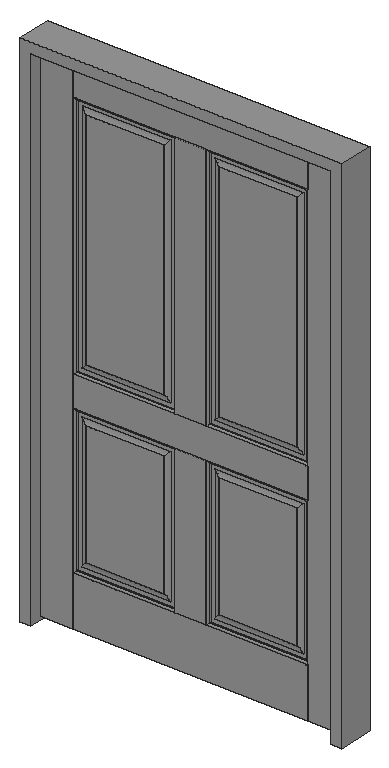
Revit family "V1200MER4PCARVE9", category Doors, host Wall, Revit 2015 (continued)
Forms (mm)
  Sweep 132, void
    path origin (939.567, 75, 1037.558) x (0, 0, -1) y (-1, 0, 0)
      loop
        line (-390.5, 1079.067) -> (-359.91, 1079.067) -> (-359.91, 1096.421) -> (-375.205, 1111.716) -> (-390.5, 1096.421) -> (-390.5, 1079.067)
    profile origin (-148.177, 75, 1428.058) x (0, 0, -1) y (0, -1, 0)
      loop
        line (-4, 59) -> (4, 59) -> (0, 62.5) -> (-4, 59)
  Sweep 133, void
    path origin (0, 75, 391.968) x (1, 0, 0) y (0, 0, 1)
      loop
        line (-390.5, 1043.161) -> (-375.205, 1027.866) -> (-359.91, 1043.161) -> (-359.91, 1096.421) -> (-375.205, 1111.716) -> (-390.5, 1096.421) -> (-390.5, 1043.161)
    profile origin (-390.5, 75, 1461.759) x (-1, 0, 0) y (0, -1, 0)
      loop
        line (4, 59) -> (0, 62.5) -> (-4, 59) -> (4, 59)
  Sweep 134, void
    path origin (0, 75, 391.968) x (1, 0, 0) y (0, 0, 1)
      loop
        line (-302.508, 1093.492) -> (-349.91, 1093.492) -> (-349.91, 1046.09) -> (-302.508, 1046.09) -> (-302.508, 1093.492)
    profile origin (-326.209, 75, 1485.46) x (0, 0, -1) y (0, -1, 0)
      loop
        line (-4, 59) -> (4, 59) -> (0, 62.5) -> (-4, 59)
  Sweep 135, void
    path origin (743.582, 75, 1135.55) x (0, 0, -1) y (-1, 0, 0)
      loop
        line (-390.5, 1043.161) -> (-375.205, 1027.866) -> (-359.91, 1043.161) -> (-359.91, 1096.421) -> (-375.205, 1111.716) -> (-390.5, 1096.421) -> (-390.5, 1043.161)
    profile origin (-326.209, 75, 1526.05) x (0, 0, -1) y (0, -1, 0)
      loop
        line (-4, 59) -> (4, 59) -> (0, 62.5) -> (-4, 59)
  Sweep 136, void
    path origin (-652.418, 75, 391.968) x (-1, 0, 0) y (0, 0, 1)
      loop
        line (-390.5, 1043.161) -> (-375.205, 1027.866) -> (-359.91, 1043.161) -> (-359.91, 1096.421) -> (-375.205, 1111.716) -> (-390.5, 1096.421) -> (-390.5, 1043.161)
    profile origin (-261.918, 75, 1461.759) x (-1, 0, 0) y (0, -1, 0)
      loop
        line (-4, 59) -> (4, 59) -> (0, 62.5) -> (-4, 59)
  Sweep 137, void
    path origin (97.992, 75, 391.968) x (1, 0, 0) y (0, 0, 1)
      loop
        line (-302.508, 1093.492) -> (-349.91, 1093.492) -> (-349.91, 1046.09) -> (-302.508, 1046.09) -> (-302.508, 1093.492)
    profile origin (-228.217, 75, 1485.46) x (0, 0, -1) y (0, -1, 0)
      loop
        line (-4, 59) -> (4, 59) -> (0, 62.5) -> (-4, 59)
  Sweep 138, void
    path origin (841.574, 75, 1135.55) x (0, 0, -1) y (-1, 0, 0)
      loop
        line (-390.5, 1043.161) -> (-375.205, 1027.866) -> (-359.91, 1043.161) -> (-359.91, 1096.421) -> (-375.205, 1111.716) -> (-390.5, 1096.421) -> (-390.5, 1043.161)
    profile origin (-228.217, 75, 1526.05) x (0, 0, -1) y (0, -1, 0)
      loop
        line (-4, 59) -> (4, 59) -> (0, 62.5) -> (-4, 59)
  Sweep 139, void
    path origin (-554.426, 75, 391.968) x (-1, 0, 0) y (0, 0, 1)
      loop
        line (-390.5, 1043.161) -> (-375.205, 1027.866) -> (-359.91, 1043.161) -> (-359.91, 1096.421) -> (-375.205, 1111.716) -> (-390.5, 1096.421) -> (-390.5, 1043.161)
    profile origin (-163.926, 75, 1461.759) x (-1, 0, 0) y (0, -1, 0)
      loop
        line (-4, 59) -> (4, 59) -> (0, 62.5) -> (-4, 59)
  Sweep 140, void
    path origin (195.984, 75, 391.968) x (1, 0, 0) y (0, 0, 1)
      loop
        line (-335.484, 1093.492) -> (-349.91, 1093.492) -> (-349.91, 1046.09) -> (-335.484, 1046.09) -> (-335.484, 1093.492)
    profile origin (-146.713, 75, 1485.46) x (0, 0, -1) y (0, -1, 0)
      loop
        line (-4, 59) -> (4, 59) -> (0, 62.5) -> (-4, 59)
  Sweep 141, void
    path origin (939.567, 75, 1135.55) x (0, 0, -1) y (-1, 0, 0)
      loop
        line (-390.5, 1079.067) -> (-359.91, 1079.067) -> (-359.91, 1096.421) -> (-375.205, 1111.716) -> (-390.5, 1096.421) -> (-390.5, 1079.067)
    profile origin (-148.177, 75, 1526.05) x (0, 0, -1) y (0, -1, 0)
      loop
        line (-4, 59) -> (4, 59) -> (0, 62.5) -> (-4, 59)
  Sweep 142, void
    path origin (0, 75, 489.96) x (1, 0, 0) y (0, 0, 1)
      loop
        line (-390.5, 1043.161) -> (-375.205, 1027.866) -> (-359.91, 1043.161) -> (-359.91, 1096.421) -> (-375.205, 1111.716) -> (-390.5, 1096.421) -> (-390.5, 1043.161)
    profile origin (-390.5, 75, 1559.752) x (-1, 0, 0) y (0, -1, 0)
      loop
        line (4, 59) -> (0, 62.5) -> (-4, 59) -> (4, 59)
  Sweep 143, void
    path origin (0, 75, 489.96) x (1, 0, 0) y (0, 0, 1)
      loop
        line (-302.508, 1093.492) -> (-349.91, 1093.492) -> (-349.91, 1046.09) -> (-302.508, 1046.09) -> (-302.508, 1093.492)
    profile origin (-326.209, 75, 1583.453) x (0, 0, -1) y (0, -1, 0)
      loop
        line (-4, 59) -> (4, 59) -> (0, 62.5) -> (-4, 59)
  Sweep 144, void
    path origin (743.582, 75, 1233.543) x (0, 0, -1) y (-1, 0, 0)
      loop
        line (-390.5, 1043.161) -> (-375.205, 1027.866) -> (-359.91, 1043.161) -> (-359.91, 1096.421) -> (-375.205, 1111.716) -> (-390.5, 1096.421) -> (-390.5, 1043.161)
    profile origin (-326.209, 75, 1624.043) x (0, 0, -1) y (0, -1, 0)
      loop
        line (-4, 59) -> (4, 59) -> (0, 62.5) -> (-4, 59)
  Sweep 145, void
    path origin (-652.418, 75, 489.96) x (-1, 0, 0) y (0, 0, 1)
      loop
        line (-390.5, 1043.161) -> (-375.205, 1027.866) -> (-359.91, 1043.161) -> (-359.91, 1096.421) -> (-375.205, 1111.716) -> (-390.5, 1096.421) -> (-390.5, 1043.161)
    profile origin (-261.918, 75, 1559.752) x (-1, 0, 0) y (0, -1, 0)
      loop
        line (-4, 59) -> (4, 59) -> (0, 62.5) -> (-4, 59)
  Sweep 146, void
    path origin (97.992, 75, 489.96) x (1, 0, 0) y (0, 0, 1)
      loop
        line (-302.508, 1093.492) -> (-349.91, 1093.492) -> (-349.91, 1046.09) -> (-302.508, 1046.09) -> (-302.508, 1093.492)
    profile origin (-228.217, 75, 1583.453) x (0, 0, -1) y (0, -1, 0)
      loop
        line (-4, 59) -> (4, 59) -> (0, 62.5) -> (-4, 59)
  Sweep 147, void
    path origin (841.574, 75, 1233.543) x (0, 0, -1) y (-1, 0, 0)
      loop
        line (-390.5, 1043.161) -> (-375.205, 1027.866) -> (-359.91, 1043.161) -> (-359.91, 1096.421) -> (-375.205, 1111.716) -> (-390.5, 1096.421) -> (-390.5, 1043.161)
    profile origin (-228.217, 75, 1624.043) x (0, 0, -1) y (0, -1, 0)
      loop
        line (-4, 59) -> (4, 59) -> (0, 62.5) -> (-4, 59)
  Sweep 148, void
    path origin (-554.426, 75, 489.96) x (-1, 0, 0) y (0, 0, 1)
      loop
        line (-390.5, 1043.161) -> (-375.205, 1027.866) -> (-359.91, 1043.161) -> (-359.91, 1096.421) -> (-375.205, 1111.716) -> (-390.5, 1096.421) -> (-390.5, 1043.161)
    profile origin (-163.926, 75, 1559.752) x (-1, 0, 0) y (0, -1, 0)
      loop
        line (-4, 59) -> (4, 59) -> (0, 62.5) -> (-4, 59)
  Sweep 149, void
    path origin (195.984, 75, 489.96) x (1, 0, 0) y (0, 0, 1)
      loop
        line (-335.484, 1093.492) -> (-349.91, 1093.492) -> (-349.91, 1046.09) -> (-335.484, 1046.09) -> (-335.484, 1093.492)
    profile origin (-146.713, 75, 1583.453) x (0, 0, -1) y (0, -1, 0)
      loop
        line (-4, 59) -> (4, 59) -> (0, 62.5) -> (-4, 59)
  Sweep 150, void
    path origin (939.567, 75, 1233.543) x (0, 0, -1) y (-1, 0, 0)
      loop
        line (-390.5, 1079.067) -> (-359.91, 1079.067) -> (-359.91, 1096.421) -> (-375.205, 1111.716) -> (-390.5, 1096.421) -> (-390.5, 1079.067)
    profile origin (-148.177, 75, 1624.043) x (0, 0, -1) y (0, -1, 0)
      loop
        line (-4, 59) -> (4, 59) -> (0, 62.5) -> (-4, 59)
  Sweep 151, void
    path origin (0, 75, 587.953) x (1, 0, 0) y (0, 0, 1)
      loop
        line (-390.5, 1043.161) -> (-375.205, 1027.866) -> (-359.91, 1043.161) -> (-359.91, 1096.421) -> (-375.205, 1111.716) -> (-390.5, 1096.421) -> (-390.5, 1043.161)
    profile origin (-390.5, 75, 1657.744) x (-1, 0, 0) y (0, -1, 0)
      loop
        line (4, 59) -> (0, 62.5) -> (-4, 59) -> (4, 59)
  Sweep 152, void
    path origin (0, 75, 587.953) x (1, 0, 0) y (0, 0, 1)
      loop
        line (-302.508, 1093.492) -> (-349.91, 1093.492) -> (-349.91, 1046.09) -> (-302.508, 1046.09) -> (-302.508, 1093.492)
    profile origin (-326.209, 75, 1681.445) x (0, 0, -1) y (0, -1, 0)
      loop
        line (-4, 59) -> (4, 59) -> (0, 62.5) -> (-4, 59)
  Sweep 153, void
    path origin (743.582, 75, 1331.535) x (0, 0, -1) y (-1, 0, 0)
      loop
        line (-390.5, 1043.161) -> (-375.205, 1027.866) -> (-359.91, 1043.161) -> (-359.91, 1096.421) -> (-375.205, 1111.716) -> (-390.5, 1096.421) -> (-390.5, 1043.161)
    profile origin (-326.209, 75, 1722.035) x (0, 0, -1) y (0, -1, 0)
      loop
        line (-4, 59) -> (4, 59) -> (0, 62.5) -> (-4, 59)
  Sweep 154, void
    path origin (-652.418, 75, 587.953) x (-1, 0, 0) y (0, 0, 1)
      loop
        line (-390.5, 1043.161) -> (-375.205, 1027.866) -> (-359.91, 1043.161) -> (-359.91, 1096.421) -> (-375.205, 1111.716) -> (-390.5, 1096.421) -> (-390.5, 1043.161)
    profile origin (-261.918, 75, 1657.744) x (-1, 0, 0) y (0, -1, 0)
      loop
        line (-4, 59) -> (4, 59) -> (0, 62.5) -> (-4, 59)
  Sweep 155, void
    path origin (97.992, 75, 587.953) x (1, 0, 0) y (0, 0, 1)
      loop
        line (-302.508, 1093.492) -> (-349.91, 1093.492) -> (-349.91, 1046.09) -> (-302.508, 1046.09) -> (-302.508, 1093.492)
    profile origin (-228.217, 75, 1681.445) x (0, 0, -1) y (0, -1, 0)
      loop
        line (-4, 59) -> (4, 59) -> (0, 62.5) -> (-4, 59)
  Sweep 156, void
    path origin (841.574, 75, 1331.535) x (0, 0, -1) y (-1, 0, 0)
      loop
        line (-390.5, 1043.161) -> (-375.205, 1027.866) -> (-359.91, 1043.161) -> (-359.91, 1096.421) -> (-375.205, 1111.716) -> (-390.5, 1096.421) -> (-390.5, 1043.161)
    profile origin (-228.217, 75, 1722.035) x (0, 0, -1) y (0, -1, 0)
      loop
        line (-4, 59) -> (4, 59) -> (0, 62.5) -> (-4, 59)
  Sweep 157, void
    path origin (-554.426, 75, 587.953) x (-1, 0, 0) y (0, 0, 1)
      loop
        line (-390.5, 1043.161) -> (-375.205, 1027.866) -> (-359.91, 1043.161) -> (-359.91, 1096.421) -> (-375.205, 1111.716) -> (-390.5, 1096.421) -> (-390.5, 1043.161)
    profile origin (-163.926, 75, 1657.744) x (-1, 0, 0) y (0, -1, 0)
      loop
        line (-4, 59) -> (4, 59) -> (0, 62.5) -> (-4, 59)
  Sweep 158, void
    path origin (195.984, 75, 587.953) x (1, 0, 0) y (0, 0, 1)
      loop
        line (-335.484, 1093.492) -> (-349.91, 1093.492) -> (-349.91, 1046.09) -> (-335.484, 1046.09) -> (-335.484, 1093.492)
    profile origin (-146.713, 75, 1681.445) x (0, 0, -1) y (0, -1, 0)
      loop
        line (-4, 59) -> (4, 59) -> (0, 62.5) -> (-4, 59)
  Sweep 159, void
    path origin (939.567, 75, 1331.535) x (0, 0, -1) y (-1, 0, 0)
      loop
        line (-390.5, 1079.067) -> (-359.91, 1079.067) -> (-359.91, 1096.421) -> (-375.205, 1111.716) -> (-390.5, 1096.421) -> (-390.5, 1079.067)
    profile origin (-148.177, 75, 1722.035) x (0, 0, -1) y (0, -1, 0)
      loop
        line (-4, 59) -> (4, 59) -> (0, 62.5) -> (-4, 59)
  Sweep 160, void
    path origin (0, 75, 685.945) x (1, 0, 0) y (0, 0, 1)
      loop
        line (-390.5, 1043.161) -> (-375.205, 1027.866) -> (-359.91, 1043.161) -> (-359.91, 1096.421) -> (-375.205, 1111.716) -> (-390.5, 1096.421) -> (-390.5, 1043.161)
    profile origin (-390.5, 75, 1755.736) x (-1, 0, 0) y (0, -1, 0)
      loop
        line (4, 59) -> (0, 62.5) -> (-4, 59) -> (4, 59)
  Sweep 161, void
    path origin (0, 75, 685.945) x (1, 0, 0) y (0, 0, 1)
      loop
        line (-302.508, 1093.492) -> (-349.91, 1093.492) -> (-349.91, 1046.09) -> (-302.508, 1046.09) -> (-302.508, 1093.492)
    profile origin (-326.209, 75, 1779.438) x (0, 0, -1) y (0, -1, 0)
      loop
        line (-4, 59) -> (4, 59) -> (0, 62.5) -> (-4, 59)
  Sweep 162, void
    path origin (743.582, 75, 1429.527) x (0, 0, -1) y (-1, 0, 0)
      loop
        line (-390.5, 1043.161) -> (-375.205, 1027.866) -> (-359.91, 1043.161) -> (-359.91, 1096.421) -> (-375.205, 1111.716) -> (-390.5, 1096.421) -> (-390.5, 1043.161)
    profile origin (-326.209, 75, 1820.027) x (0, 0, -1) y (0, -1, 0)
      loop
        line (-4, 59) -> (4, 59) -> (0, 62.5) -> (-4, 59)
  Sweep 163, void
    path origin (-652.418, 75, 685.945) x (-1, 0, 0) y (0, 0, 1)
      loop
        line (-390.5, 1043.161) -> (-375.205, 1027.866) -> (-359.91, 1043.161) -> (-359.91, 1096.421) -> (-375.205, 1111.716) -> (-390.5, 1096.421) -> (-390.5, 1043.161)
    profile origin (-261.918, 75, 1755.736) x (-1, 0, 0) y (0, -1, 0)
      loop
        line (-4, 59) -> (4, 59) -> (0, 62.5) -> (-4, 59)
  Sweep 164, void
    path origin (97.992, 75, 685.945) x (1, 0, 0) y (0, 0, 1)
      loop
        line (-302.508, 1093.492) -> (-349.91, 1093.492) -> (-349.91, 1046.09) -> (-302.508, 1046.09) -> (-302.508, 1093.492)
    profile origin (-228.217, 75, 1779.438) x (0, 0, -1) y (0, -1, 0)
      loop
        line (-4, 59) -> (4, 59) -> (0, 62.5) -> (-4, 59)
  Sweep 165, void
    path origin (841.574, 75, 1429.527) x (0, 0, -1) y (-1, 0, 0)
      loop
        line (-390.5, 1043.161) -> (-375.205, 1027.866) -> (-359.91, 1043.161) -> (-359.91, 1096.421) -> (-375.205, 1111.716) -> (-390.5, 1096.421) -> (-390.5, 1043.161)
    profile origin (-228.217, 75, 1820.027) x (0, 0, -1) y (0, -1, 0)
      loop
        line (-4, 59) -> (4, 59) -> (0, 62.5) -> (-4, 59)
  Sweep 166, void
    path origin (-554.426, 75, 685.945) x (-1, 0, 0) y (0, 0, 1)
      loop
        line (-390.5, 1043.161) -> (-375.205, 1027.866) -> (-359.91, 1043.161) -> (-359.91, 1096.421) -> (-375.205, 1111.716) -> (-390.5, 1096.421) -> (-390.5, 1043.161)
    profile origin (-163.926, 75, 1755.736) x (-1, 0, 0) y (0, -1, 0)
      loop
        line (-4, 59) -> (4, 59) -> (0, 62.5) -> (-4, 59)
  Sweep 167, void
    path origin (195.984, 75, 685.945) x (1, 0, 0) y (0, 0, 1)
      loop
        line (-335.484, 1093.492) -> (-349.91, 1093.492) -> (-349.91, 1046.09) -> (-335.484, 1046.09) -> (-335.484, 1093.492)
    profile origin (-146.713, 75, 1779.438) x (0, 0, -1) y (0, -1, 0)
      loop
        line (-4, 59) -> (4, 59) -> (0, 62.5) -> (-4, 59)
  Sweep 168, void
    path origin (939.567, 75, 1429.527) x (0, 0, -1) y (-1, 0, 0)
      loop
        line (-390.5, 1079.067) -> (-359.91, 1079.067) -> (-359.91, 1096.421) -> (-375.205, 1111.716) -> (-390.5, 1096.421) -> (-390.5, 1079.067)
    profile origin (-148.177, 75, 1820.027) x (0, 0, -1) y (0, -1, 0)
      loop
        line (-4, 59) -> (4, 59) -> (0, 62.5) -> (-4, 59)
  Sweep 169, void
    path origin (-554.426, 75, 2923.52) x (-1, 0, 0) y (0, 0, -1)
      loop
        line (-390.5, 1085.02) -> (-359.91, 1085.02) -> (-359.91, 1096.421) -> (-375.205, 1111.716) -> (-390.5, 1096.421) -> (-390.5, 1085.02)
    profile origin (-163.926, 75, 1832.799) x (0, -1, 0) y (1, 0, 0)
      loop
        line (59, 4) -> (59, -4) -> (62.5, 0) -> (59, 4)
  Sweep 170, void
    path origin (97.992, 75, 2923.52) x (1, 0, 0) y (0, 0, -1)
      loop
        line (-390.5, 1085.02) -> (-359.91, 1085.02) -> (-359.91, 1096.421) -> (-375.205, 1111.716) -> (-390.5, 1096.421) -> (-390.5, 1085.02)
    profile origin (-292.508, 75, 1832.799) x (0, -1, 0) y (1, 0, 0)
      loop
        line (59, -4) -> (62.5, 0) -> (59, 4) -> (59, -4)
  Sweep 171, void
    path origin (-750.41, 75, 2923.52) x (-1, 0, 0) y (0, 0, -1)
      loop
        line (-390.5, 1085.02) -> (-359.91, 1085.02) -> (-359.91, 1096.421) -> (-375.205, 1111.716) -> (-390.5, 1096.421) -> (-390.5, 1085.02)
    profile origin (-359.91, 75, 1832.799) x (0, -1, 0) y (1, 0, 0)
      loop
        line (59, 4) -> (59, -4) -> (62.5, 0) -> (59, 4)
  Sweep 172, void
    path origin (0, 75, 0) x (1, 0, 0) y (0, 0, 1)
      loop
        line (139.5, 295.5) -> (390.5, 295.5) -> (390.5, 726.5) -> (139.5, 726.5) -> (139.5, 295.5)
    profile origin (265, 75, 295.5) x (0, 0, 1) y (0, -1, 0)
      loop
        line (-4, 59) -> (4, 59) -> (0, 62.5) -> (-4, 59)
  Sweep 173, void
    path origin (0, 75, 2.418) x (1, 0, 0) y (0, 0, 1)
      loop
        line (349.91, 683.492) -> (302.508, 683.492) -> (302.508, 636.09) -> (349.91, 636.09) -> (349.91, 683.492)
    profile origin (326.209, 75, 685.91) x (0, 0, -1) y (0, -1, 0)
      loop
        line (-4, 59) -> (4, 59) -> (0, 62.5) -> (-4, 59)
  Sweep 174, void
    path origin (0, 75, 0) x (1, 0, 0) y (0, 0, 1)
      loop
        line (352.839, 726.5) -> (299.579, 726.5) -> (284.284, 711.205) -> (299.579, 695.91) -> (352.839, 695.91) -> (368.134, 711.205) -> (352.839, 726.5)
    profile origin (326.209, 75, 726.5) x (0, 0, -1) y (0, -1, 0)
      loop
        line (-4, 59) -> (4, 59) -> (0, 62.5) -> (-4, 59)
  Sweep 175, void
    path origin (988.418, 75, 336) x (0, 0, 1) y (-1, 0, 0)
      loop
        line (352.839, 726.5) -> (299.579, 726.5) -> (284.284, 711.205) -> (299.579, 695.91) -> (352.839, 695.91) -> (368.134, 711.205) -> (352.839, 726.5)
    profile origin (261.918, 75, 662.209) x (0, -1, 0) y (1, 0, 0)
      loop
        line (59, -4) -> (62.5, 0) -> (59, 4) -> (59, -4)
  Sweep 176, void
    path origin (-336, 75, 336) x (0, 0, 1) y (1, 0, 0)
      loop
        line (352.839, 726.5) -> (299.579, 726.5) -> (284.284, 711.205) -> (299.579, 695.91) -> (352.839, 695.91) -> (368.134, 711.205) -> (352.839, 726.5)
    profile origin (390.5, 75, 662.209) x (0, -1, 0) y (1, 0, 0)
      loop
        line (59, 4) -> (59, -4) -> (62.5, 0) -> (59, 4)
  Sweep 177, void
    path origin (0, 75, 1324.418) x (1, 0, 0) y (0, 0, -1)
      loop
        line (352.839, 726.5) -> (299.579, 726.5) -> (284.284, 711.205) -> (299.579, 695.91) -> (352.839, 695.91) -> (368.134, 711.205) -> (352.839, 726.5)
    profile origin (326.209, 75, 597.918) x (0, 0, -1) y (0, -1, 0)
      loop
        line (4, 59) -> (0, 62.5) -> (-4, 59) -> (4, 59)
  Sweep 178, void
    path origin (-97.992, 75, 2.418) x (1, 0, 0) y (0, 0, 1)
      loop
        line (349.91, 683.492) -> (302.508, 683.492) -> (302.508, 636.09) -> (349.91, 636.09) -> (349.91, 683.492)
    profile origin (228.217, 75, 685.91) x (0, 0, -1) y (0, -1, 0)
      loop
        line (-4, 59) -> (4, 59) -> (0, 62.5) -> (-4, 59)
  Sweep 179, void
    path origin (-97.992, 75, 0) x (1, 0, 0) y (0, 0, 1)
      loop
        line (352.839, 726.5) -> (299.579, 726.5) -> (284.284, 711.205) -> (299.579, 695.91) -> (352.839, 695.91) -> (368.134, 711.205) -> (352.839, 726.5)
    profile origin (228.217, 75, 726.5) x (0, 0, -1) y (0, -1, 0)
      loop
        line (-4, 59) -> (4, 59) -> (0, 62.5) -> (-4, 59)
  Sweep 180, void
    path origin (890.426, 75, 336) x (0, 0, 1) y (-1, 0, 0)
      loop
        line (352.839, 726.5) -> (299.579, 726.5) -> (284.284, 711.205) -> (299.579, 695.91) -> (352.839, 695.91) -> (368.134, 711.205) -> (352.839, 726.5)
    profile origin (163.926, 75, 662.209) x (0, -1, 0) y (1, 0, 0)
      loop
        line (59, -4) -> (62.5, 0) -> (59, 4) -> (59, -4)
  Sweep 181, void
    path origin (-97.992, 75, 1324.418) x (1, 0, 0) y (0, 0, -1)
      loop
        line (352.839, 726.5) -> (299.579, 726.5) -> (284.284, 711.205) -> (299.579, 695.91) -> (352.839, 695.91) -> (368.134, 711.205) -> (352.839, 726.5)
    profile origin (228.217, 75, 597.918) x (0, 0, -1) y (0, -1, 0)
      loop
        line (4, 59) -> (0, 62.5) -> (-4, 59) -> (4, 59)
  Sweep 182, void
    path origin (-195.985, 75, 2.418) x (1, 0, 0) y (0, 0, 1)
      loop
        line (349.91, 683.492) -> (335.485, 683.492) -> (335.485, 636.09) -> (349.91, 636.09) -> (349.91, 683.492)
    profile origin (146.713, 75, 685.91) x (0, 0, -1) y (0, -1, 0)
      loop
        line (-4, 59) -> (4, 59) -> (0, 62.5) -> (-4, 59)
  Sweep 183, void
    path origin (-195.985, 75, 1324.418) x (1, 0, 0) y (0, 0, -1)
      loop
        line (352.839, 726.5) -> (335.485, 726.5) -> (335.485, 695.91) -> (352.839, 695.91) -> (368.134, 711.205) -> (352.839, 726.5)
    profile origin (148.177, 75, 597.918) x (0, 0, -1) y (0, -1, 0)
      loop
        line (4, 59) -> (0, 62.5) -> (-4, 59) -> (4, 59)
  Sweep 184, void
    path origin (-195.985, 75, 0) x (1, 0, 0) y (0, 0, 1)
      loop
        line (352.839, 726.5) -> (335.485, 726.5) -> (335.485, 695.91) -> (352.839, 695.91) -> (368.134, 711.205) -> (352.839, 726.5)
    profile origin (148.177, 75, 726.5) x (0, 0, -1) y (0, -1, 0)
      loop
        line (-4, 59) -> (4, 59) -> (0, 62.5) -> (-4, 59)
  Sweep 185, void
    path origin (0, 75, -95.574) x (1, 0, 0) y (0, 0, 1)
      loop
        line (349.91, 683.492) -> (302.508, 683.492) -> (302.508, 636.09) -> (349.91, 636.09) -> (349.91, 683.492)
    profile origin (326.209, 75, 587.918) x (0, 0, -1) y (0, -1, 0)
      loop
        line (-4, 59) -> (4, 59) -> (0, 62.5) -> (-4, 59)
  Sweep 186, void
    path origin (988.418, 75, 238.008) x (0, 0, 1) y (-1, 0, 0)
      loop
        line (352.839, 726.5) -> (299.579, 726.5) -> (284.284, 711.205) -> (299.579, 695.91) -> (352.839, 695.91) -> (368.134, 711.205) -> (352.839, 726.5)
    profile origin (261.918, 75, 564.217) x (0, -1, 0) y (1, 0, 0)
      loop
        line (59, -4) -> (62.5, 0) -> (59, 4) -> (59, -4)
  Sweep 187, void
    path origin (-336, 75, 238.008) x (0, 0, 1) y (1, 0, 0)
      loop
        line (352.839, 726.5) -> (299.579, 726.5) -> (284.284, 711.205) -> (299.579, 695.91) -> (352.839, 695.91) -> (368.134, 711.205) -> (352.839, 726.5)
    profile origin (390.5, 75, 564.217) x (0, -1, 0) y (1, 0, 0)
      loop
        line (59, 4) -> (59, -4) -> (62.5, 0) -> (59, 4)
  Sweep 188, void
    path origin (0, 75, 1226.426) x (1, 0, 0) y (0, 0, -1)
      loop
        line (352.839, 726.5) -> (299.579, 726.5) -> (284.284, 711.205) -> (299.579, 695.91) -> (352.839, 695.91) -> (368.134, 711.205) -> (352.839, 726.5)
    profile origin (326.209, 75, 499.926) x (0, 0, -1) y (0, -1, 0)
      loop
        line (4, 59) -> (0, 62.5) -> (-4, 59) -> (4, 59)
  Sweep 189, void
    path origin (-97.992, 75, -95.574) x (1, 0, 0) y (0, 0, 1)
      loop
        line (349.91, 683.492) -> (302.508, 683.492) -> (302.508, 636.09) -> (349.91, 636.09) -> (349.91, 683.492)
    profile origin (228.217, 75, 587.918) x (0, 0, -1) y (0, -1, 0)
      loop
        line (-4, 59) -> (4, 59) -> (0, 62.5) -> (-4, 59)
  Sweep 190, void
    path origin (890.426, 75, 238.008) x (0, 0, 1) y (-1, 0, 0)
      loop
        line (352.839, 726.5) -> (299.579, 726.5) -> (284.284, 711.205) -> (299.579, 695.91) -> (352.839, 695.91) -> (368.134, 711.205) -> (352.839, 726.5)
    profile origin (163.926, 75, 564.217) x (0, -1, 0) y (1, 0, 0)
      loop
        line (59, -4) -> (62.5, 0) -> (59, 4) -> (59, -4)
  Sweep 191, void
    path origin (-97.992, 75, 1226.426) x (1, 0, 0) y (0, 0, -1)
      loop
        line (352.839, 726.5) -> (299.579, 726.5) -> (284.284, 711.205) -> (299.579, 695.91) -> (352.839, 695.91) -> (368.134, 711.205) -> (352.839, 726.5)
    profile origin (228.217, 75, 499.926) x (0, 0, -1) y (0, -1, 0)
      loop
        line (4, 59) -> (0, 62.5) -> (-4, 59) -> (4, 59)
  Sweep 192, void
    path origin (-195.985, 75, -95.574) x (1, 0, 0) y (0, 0, 1)
      loop
        line (349.91, 683.492) -> (335.485, 683.492) -> (335.485, 636.09) -> (349.91, 636.09) -> (349.91, 683.492)
    profile origin (146.713, 75, 587.918) x (0, 0, -1) y (0, -1, 0)
      loop
        line (-4, 59) -> (4, 59) -> (0, 62.5) -> (-4, 59)
  Sweep 193, void
    path origin (-195.985, 75, 1226.426) x (1, 0, 0) y (0, 0, -1)
      loop
        line (352.839, 726.5) -> (335.485, 726.5) -> (335.485, 695.91) -> (352.839, 695.91) -> (368.134, 711.205) -> (352.839, 726.5)
    profile origin (148.177, 75, 499.926) x (0, 0, -1) y (0, -1, 0)
      loop
        line (4, 59) -> (0, 62.5) -> (-4, 59) -> (4, 59)
  Sweep 194, void
    path origin (0, 75, 0) x (1, 0, 0) y (0, 0, 1)
      loop
        line (-139.5, 726.5) -> (-390.5, 726.5) -> (-390.5, 295.5) -> (-139.5, 295.5) -> (-139.5, 726.5)
    profile origin (-265, 75, 726.5) x (0, 0, -1) y (0, -1, 0)
      loop
        line (-4, 59) -> (4, 59) -> (0, 62.5) -> (-4, 59)
  Sweep 195, void
    path origin (0, 75, 0) x (1, 0, 0) y (0, 0, 1)
      loop
        line (-349.91, 685.91) -> (-349.91, 638.508) -> (-302.508, 638.508) -> (-302.508, 685.91) -> (-349.91, 685.91)
    profile origin (-326.209, 75, 685.91) x (0, 0, 1) y (0, -1, 0)
      loop
        line (4, 59) -> (0, 62.5) -> (-4, 59) -> (4, 59)
  Sweep 196, void
    path origin (0, 75, 0) x (1, 0, 0) y (0, 0, 1)
      loop
        line (-359.91, 635.579) -> (-359.91, 688.839) -> (-375.205, 704.134) -> (-390.5, 688.839) -> (-390.5, 635.579) -> (-375.205, 620.284) -> (-359.91, 635.579)
    profile origin (-359.91, 75, 662.209) x (-1, 0, 0) y (0, -1, 0)
      loop
        line (4, 59) -> (0, 62.5) -> (-4, 59) -> (4, 59)
  Sweep 197, void
    path origin (336, 75, 336) x (0, 0, -1) y (-1, 0, 0)
      loop
        line (-359.91, 635.579) -> (-359.91, 688.839) -> (-375.205, 704.134) -> (-390.5, 688.839) -> (-390.5, 635.579) -> (-375.205, 620.284) -> (-359.91, 635.579)
    profile origin (-326.209, 75, 695.91) x (0, 0, -1) y (0, -1, 0)
      loop
        line (-4, 59) -> (4, 59) -> (0, 62.5) -> (-4, 59)
  Sweep 198, void
    path origin (-652.418, 75, 0) x (-1, 0, 0) y (0, 0, 1)
      loop
        line (-359.91, 635.579) -> (-359.91, 688.839) -> (-375.205, 704.134) -> (-390.5, 688.839) -> (-390.5, 635.579) -> (-375.205, 620.284) -> (-359.91, 635.579)
    profile origin (-292.508, 75, 662.209) x (-1, 0, 0) y (0, -1, 0)
      loop
        line (-4, 59) -> (4, 59) -> (0, 62.5) -> (-4, 59)
  Sweep 199, void
    path origin (336, 75, 988.418) x (0, 0, 1) y (-1, 0, 0)
      loop
        line (-359.91, 635.579) -> (-359.91, 688.839) -> (-375.205, 704.134) -> (-390.5, 688.839) -> (-390.5, 635.579) -> (-375.205, 620.284) -> (-359.91, 635.579)
    profile origin (-326.209, 75, 628.508) x (0, 0, -1) y (0, -1, 0)
      loop
        line (4, 59) -> (0, 62.5) -> (-4, 59) -> (4, 59)
  Sweep 200, void
    path origin (97.992, 75, 0) x (1, 0, 0) y (0, 0, 1)
      loop
        line (-349.91, 685.91) -> (-349.91, 638.508) -> (-302.508, 638.508) -> (-302.508, 685.91) -> (-349.91, 685.91)
    profile origin (-228.217, 75, 685.91) x (0, 0, 1) y (0, -1, 0)
      loop
        line (4, 59) -> (0, 62.5) -> (-4, 59) -> (4, 59)
  Sweep 201, void
    path origin (433.992, 75, 336) x (0, 0, -1) y (-1, 0, 0)
      loop
        line (-359.91, 635.579) -> (-359.91, 688.839) -> (-375.205, 704.134) -> (-390.5, 688.839) -> (-390.5, 635.579) -> (-375.205, 620.284) -> (-359.91, 635.579)
    profile origin (-228.217, 75, 695.91) x (0, 0, -1) y (0, -1, 0)
      loop
        line (-4, 59) -> (4, 59) -> (0, 62.5) -> (-4, 59)
  Sweep 202, void
    path origin (-554.426, 75, 0) x (-1, 0, 0) y (0, 0, 1)
      loop
        line (-359.91, 635.579) -> (-359.91, 688.839) -> (-375.205, 704.134) -> (-390.5, 688.839) -> (-390.5, 635.579) -> (-375.205, 620.284) -> (-359.91, 635.579)
    profile origin (-194.515, 75, 662.209) x (-1, 0, 0) y (0, -1, 0)
      loop
        line (-4, 59) -> (4, 59) -> (0, 62.5) -> (-4, 59)
  Sweep 203, void
    path origin (433.992, 75, 988.418) x (0, 0, 1) y (-1, 0, 0)
      loop
        line (-359.91, 635.579) -> (-359.91, 688.839) -> (-375.205, 704.134) -> (-390.5, 688.839) -> (-390.5, 635.579) -> (-375.205, 620.284) -> (-359.91, 635.579)
    profile origin (-228.217, 75, 628.508) x (0, 0, -1) y (0, -1, 0)
      loop
        line (4, 59) -> (0, 62.5) -> (-4, 59) -> (4, 59)
  Sweep 204, void
    path origin (195.985, 75, 0) x (1, 0, 0) y (0, 0, 1)
      loop
        line (-349.91, 685.91) -> (-349.91, 638.508) -> (-335.485, 638.508) -> (-335.485, 685.91) -> (-349.91, 685.91)
    profile origin (-146.713, 75, 685.91) x (0, 0, 1) y (0, -1, 0)
      loop
        line (4, 59) -> (0, 62.5) -> (-4, 59) -> (4, 59)
  Sweep 205, void
    path origin (531.985, 75, 988.418) x (0, 0, 1) y (-1, 0, 0)
      loop
        line (-359.91, 671.485) -> (-359.91, 688.839) -> (-375.205, 704.134) -> (-390.5, 688.839) -> (-390.5, 671.485) -> (-359.91, 671.485)
    profile origin (-148.177, 75, 628.508) x (0, 0, -1) y (0, -1, 0)
      loop
        line (4, 59) -> (0, 62.5) -> (-4, 59) -> (4, 59)
  Sweep 206, void
    path origin (531.985, 75, 336) x (0, 0, -1) y (-1, 0, 0)
      loop
        line (-359.91, 671.485) -> (-359.91, 688.839) -> (-375.205, 704.134) -> (-390.5, 688.839) -> (-390.5, 671.485) -> (-359.91, 671.485)
    profile origin (-148.177, 75, 695.91) x (0, 0, -1) y (0, -1, 0)
      loop
        line (-4, 59) -> (4, 59) -> (0, 62.5) -> (-4, 59)
  Sweep 207, void
    path origin (0, 75, -97.992) x (1, 0, 0) y (0, 0, 1)
      loop
        line (-349.91, 685.91) -> (-349.91, 638.508) -> (-302.508, 638.508) -> (-302.508, 685.91) -> (-349.91, 685.91)
    profile origin (-326.209, 75, 587.918) x (0, 0, 1) y (0, -1, 0)
      loop
        line (4, 59) -> (0, 62.5) -> (-4, 59) -> (4, 59)
  Sweep 208, void
    path origin (0, 75, -97.992) x (1, 0, 0) y (0, 0, 1)
      loop
        line (-359.91, 635.579) -> (-359.91, 688.839) -> (-375.205, 704.134) -> (-390.5, 688.839) -> (-390.5, 635.579) -> (-375.205, 620.284) -> (-359.91, 635.579)
    profile origin (-359.91, 75, 564.217) x (-1, 0, 0) y (0, -1, 0)
      loop
        line (4, 59) -> (0, 62.5) -> (-4, 59) -> (4, 59)
  Sweep 209, void
    path origin (-652.418, 75, -97.992) x (-1, 0, 0) y (0, 0, 1)
      loop
        line (-359.91, 635.579) -> (-359.91, 688.839) -> (-375.205, 704.134) -> (-390.5, 688.839) -> (-390.5, 635.579) -> (-375.205, 620.284) -> (-359.91, 635.579)
    profile origin (-292.508, 75, 564.217) x (-1, 0, 0) y (0, -1, 0)
      loop
        line (-4, 59) -> (4, 59) -> (0, 62.5) -> (-4, 59)
  Sweep 210, void
    path origin (336, 75, 890.425) x (0, 0, 1) y (-1, 0, 0)
      loop
        line (-359.91, 635.579) -> (-359.91, 688.839) -> (-375.205, 704.134) -> (-390.5, 688.839) -> (-390.5, 635.579) -> (-375.205, 620.284) -> (-359.91, 635.579)
    profile origin (-326.209, 75, 530.515) x (0, 0, -1) y (0, -1, 0)
      loop
        line (4, 59) -> (0, 62.5) -> (-4, 59) -> (4, 59)
  Sweep 211, void
    path origin (97.992, 75, -97.992) x (1, 0, 0) y (0, 0, 1)
      loop
        line (-349.91, 685.91) -> (-349.91, 638.508) -> (-302.508, 638.508) -> (-302.508, 685.91) -> (-349.91, 685.91)
    profile origin (-228.217, 75, 587.918) x (0, 0, 1) y (0, -1, 0)
      loop
        line (4, 59) -> (0, 62.5) -> (-4, 59) -> (4, 59)
  Sweep 212, void
    path origin (-554.426, 75, -97.992) x (-1, 0, 0) y (0, 0, 1)
      loop
        line (-359.91, 635.579) -> (-359.91, 688.839) -> (-375.205, 704.134) -> (-390.5, 688.839) -> (-390.5, 635.579) -> (-375.205, 620.284) -> (-359.91, 635.579)
    profile origin (-194.515, 75, 564.217) x (-1, 0, 0) y (0, -1, 0)
      loop
        line (-4, 59) -> (4, 59) -> (0, 62.5) -> (-4, 59)
  Sweep 213, void
    path origin (433.992, 75, 890.425) x (0, 0, 1) y (-1, 0, 0)
      loop
        line (-359.91, 635.579) -> (-359.91, 688.839) -> (-375.205, 704.134) -> (-390.5, 688.839) -> (-390.5, 635.579) -> (-375.205, 620.284) -> (-359.91, 635.579)
    profile origin (-228.217, 75, 530.515) x (0, 0, -1) y (0, -1, 0)
      loop
        line (4, 59) -> (0, 62.5) -> (-4, 59) -> (4, 59)
  Sweep 214, void
    path origin (195.985, 75, -97.992) x (1, 0, 0) y (0, 0, 1)
      loop
        line (-349.91, 685.91) -> (-349.91, 638.508) -> (-335.485, 638.508) -> (-335.485, 685.91) -> (-349.91, 685.91)
    profile origin (-146.713, 75, 587.918) x (0, 0, 1) y (0, -1, 0)
      loop
        line (4, 59) -> (0, 62.5) -> (-4, 59) -> (4, 59)
  Sweep 215, void
    path origin (531.985, 75, 890.425) x (0, 0, 1) y (-1, 0, 0)
      loop
        line (-359.91, 671.485) -> (-359.91, 688.839) -> (-375.205, 704.134) -> (-390.5, 688.839) -> (-390.5, 671.485) -> (-359.91, 671.485)
    profile origin (-148.177, 75, 530.515) x (0, 0, -1) y (0, -1, 0)
      loop
        line (4, 59) -> (0, 62.5) -> (-4, 59) -> (4, 59)
  Sweep 216, void
    path origin (0, 75, -193.567) x (1, 0, 0) y (0, 0, 1)
      loop
        line (349.91, 683.492) -> (302.508, 683.492) -> (302.508, 636.09) -> (349.91, 636.09) -> (349.91, 683.492)
    profile origin (326.209, 75, 489.926) x (0, 0, -1) y (0, -1, 0)
      loop
        line (-4, 59) -> (4, 59) -> (0, 62.5) -> (-4, 59)
  Sweep 217, void
    path origin (988.418, 75, 140.016) x (0, 0, 1) y (-1, 0, 0)
      loop
        line (352.839, 726.5) -> (299.579, 726.5) -> (284.284, 711.205) -> (299.579, 695.91) -> (352.839, 695.91) -> (368.134, 711.205) -> (352.839, 726.5)
    profile origin (261.918, 75, 466.224) x (0, -1, 0) y (1, 0, 0)
      loop
        line (59, -4) -> (62.5, 0) -> (59, 4) -> (59, -4)
  Sweep 218, void
    path origin (-336, 75, 140.016) x (0, 0, 1) y (1, 0, 0)
      loop
        line (352.839, 726.5) -> (299.579, 726.5) -> (284.284, 711.205) -> (299.579, 695.91) -> (352.839, 695.91) -> (368.134, 711.205) -> (352.839, 726.5)
    profile origin (390.5, 75, 466.224) x (0, -1, 0) y (1, 0, 0)
      loop
        line (59, 4) -> (59, -4) -> (62.5, 0) -> (59, 4)
  Sweep 219, void
    path origin (0, 75, 1128.433) x (1, 0, 0) y (0, 0, -1)
      loop
        line (352.839, 726.5) -> (299.579, 726.5) -> (284.284, 711.205) -> (299.579, 695.91) -> (352.839, 695.91) -> (368.134, 711.205) -> (352.839, 726.5)
    profile origin (326.209, 75, 401.933) x (0, 0, -1) y (0, -1, 0)
      loop
        line (4, 59) -> (0, 62.5) -> (-4, 59) -> (4, 59)
  Sweep 220, void
    path origin (-97.992, 75, -193.567) x (1, 0, 0) y (0, 0, 1)
      loop
        line (349.91, 683.492) -> (302.508, 683.492) -> (302.508, 636.09) -> (349.91, 636.09) -> (349.91, 683.492)
    profile origin (228.217, 75, 489.926) x (0, 0, -1) y (0, -1, 0)
      loop
        line (-4, 59) -> (4, 59) -> (0, 62.5) -> (-4, 59)
  Sweep 221, void
    path origin (890.426, 75, 140.016) x (0, 0, 1) y (-1, 0, 0)
      loop
        line (352.839, 726.5) -> (299.579, 726.5) -> (284.284, 711.205) -> (299.579, 695.91) -> (352.839, 695.91) -> (368.134, 711.205) -> (352.839, 726.5)
    profile origin (163.926, 75, 466.224) x (0, -1, 0) y (1, 0, 0)
      loop
        line (59, -4) -> (62.5, 0) -> (59, 4) -> (59, -4)
  Sweep 222, void
    path origin (-97.992, 75, 1128.433) x (1, 0, 0) y (0, 0, -1)
      loop
        line (352.839, 726.5) -> (299.579, 726.5) -> (284.284, 711.205) -> (299.579, 695.91) -> (352.839, 695.91) -> (368.134, 711.205) -> (352.839, 726.5)
    profile origin (228.217, 75, 401.933) x (0, 0, -1) y (0, -1, 0)
      loop
        line (4, 59) -> (0, 62.5) -> (-4, 59) -> (4, 59)
  Sweep 223, void
    path origin (-195.985, 75, -193.567) x (1, 0, 0) y (0, 0, 1)
      loop
        line (349.91, 683.492) -> (335.485, 683.492) -> (335.485, 636.09) -> (349.91, 636.09) -> (349.91, 683.492)
    profile origin (146.713, 75, 489.926) x (0, 0, -1) y (0, -1, 0)
      loop
        line (-4, 59) -> (4, 59) -> (0, 62.5) -> (-4, 59)
  Sweep 224, void
    path origin (-195.985, 75, 1128.433) x (1, 0, 0) y (0, 0, -1)
      loop
        line (352.839, 726.5) -> (335.485, 726.5) -> (335.485, 695.91) -> (352.839, 695.91) -> (368.134, 711.205) -> (352.839, 726.5)
    profile origin (148.177, 75, 401.933) x (0, 0, -1) y (0, -1, 0)
      loop
        line (4, 59) -> (0, 62.5) -> (-4, 59) -> (4, 59)
  Sweep 225, void
    path origin (0, 75, -291.559) x (1, 0, 0) y (0, 0, 1)
      loop
        line (349.91, 683.492) -> (302.508, 683.492) -> (302.508, 636.09) -> (349.91, 636.09) -> (349.91, 683.492)
    profile origin (326.209, 75, 391.933) x (0, 0, -1) y (0, -1, 0)
      loop
        line (-4, 59) -> (4, 59) -> (0, 62.5) -> (-4, 59)
  Sweep 226, void
    path origin (988.418, 75, 42.023) x (0, 0, 1) y (-1, 0, 0)
      loop
        line (352.839, 726.5) -> (299.579, 726.5) -> (284.284, 711.205) -> (299.579, 695.91) -> (352.839, 695.91) -> (368.134, 711.205) -> (352.839, 726.5)
    profile origin (261.918, 75, 368.232) x (0, -1, 0) y (1, 0, 0)
      loop
        line (59, -4) -> (62.5, 0) -> (59, 4) -> (59, -4)
  Sweep 227, void
    path origin (-336, 75, 42.023) x (0, 0, 1) y (1, 0, 0)
      loop
        line (352.839, 726.5) -> (299.579, 726.5) -> (284.284, 711.205) -> (299.579, 695.91) -> (352.839, 695.91) -> (368.134, 711.205) -> (352.839, 726.5)
    profile origin (390.5, 75, 368.232) x (0, -1, 0) y (1, 0, 0)
      loop
        line (59, 4) -> (59, -4) -> (62.5, 0) -> (59, 4)
  Sweep 228, void
    path origin (0, 75, 1030.441) x (1, 0, 0) y (0, 0, -1)
      loop
        line (352.839, 726.5) -> (299.579, 726.5) -> (284.284, 711.205) -> (299.579, 695.91) -> (352.839, 695.91) -> (368.134, 711.205) -> (352.839, 726.5)
    profile origin (326.209, 75, 303.941) x (0, 0, -1) y (0, -1, 0)
      loop
        line (4, 59) -> (0, 62.5) -> (-4, 59) -> (4, 59)
  Sweep 229, void
    path origin (-97.992, 75, -291.559) x (1, 0, 0) y (0, 0, 1)
      loop
        line (349.91, 683.492) -> (302.508, 683.492) -> (302.508, 636.09) -> (349.91, 636.09) -> (349.91, 683.492)
    profile origin (228.217, 75, 391.933) x (0, 0, -1) y (0, -1, 0)
      loop
        line (-4, 59) -> (4, 59) -> (0, 62.5) -> (-4, 59)
  Sweep 230, void
    path origin (890.426, 75, 42.023) x (0, 0, 1) y (-1, 0, 0)
      loop
        line (352.839, 726.5) -> (299.579, 726.5) -> (284.284, 711.205) -> (299.579, 695.91) -> (352.839, 695.91) -> (368.134, 711.205) -> (352.839, 726.5)
    profile origin (163.926, 75, 368.232) x (0, -1, 0) y (1, 0, 0)
      loop
        line (59, -4) -> (62.5, 0) -> (59, 4) -> (59, -4)
  Sweep 231, void
    path origin (-97.992, 75, 1030.441) x (1, 0, 0) y (0, 0, -1)
      loop
        line (352.839, 726.5) -> (299.579, 726.5) -> (284.284, 711.205) -> (299.579, 695.91) -> (352.839, 695.91) -> (368.134, 711.205) -> (352.839, 726.5)
    profile origin (228.217, 75, 303.941) x (0, 0, -1) y (0, -1, 0)
      loop
        line (4, 59) -> (0, 62.5) -> (-4, 59) -> (4, 59)
  Sweep 232, void
    path origin (-195.985, 75, -291.559) x (1, 0, 0) y (0, 0, 1)
      loop
        line (349.91, 683.492) -> (335.485, 683.492) -> (335.485, 636.09) -> (349.91, 636.09) -> (349.91, 683.492)
    profile origin (146.713, 75, 391.933) x (0, 0, -1) y (0, -1, 0)
      loop
        line (-4, 59) -> (4, 59) -> (0, 62.5) -> (-4, 59)
  Sweep 233, void
    path origin (-195.985, 75, 1030.441) x (1, 0, 0) y (0, 0, -1)
      loop
        line (352.839, 726.5) -> (335.485, 726.5) -> (335.485, 695.91) -> (352.839, 695.91) -> (368.134, 711.205) -> (352.839, 726.5)
    profile origin (148.177, 75, 303.941) x (0, 0, -1) y (0, -1, 0)
      loop
        line (4, 59) -> (0, 62.5) -> (-4, 59) -> (4, 59)
  Sweep 234, void
    path origin (0, 75, -195.985) x (1, 0, 0) y (0, 0, 1)
      loop
        line (-349.91, 685.91) -> (-349.91, 638.508) -> (-302.508, 638.508) -> (-302.508, 685.91) -> (-349.91, 685.91)
    profile origin (-326.209, 75, 489.926) x (0, 0, 1) y (0, -1, 0)
      loop
        line (4, 59) -> (0, 62.5) -> (-4, 59) -> (4, 59)
  Sweep 235, void
    path origin (0, 75, -195.985) x (1, 0, 0) y (0, 0, 1)
      loop
        line (-359.91, 635.579) -> (-359.91, 688.839) -> (-375.205, 704.134) -> (-390.5, 688.839) -> (-390.5, 635.579) -> (-375.205, 620.284) -> (-359.91, 635.579)
    profile origin (-359.91, 75, 466.224) x (-1, 0, 0) y (0, -1, 0)
      loop
        line (4, 59) -> (0, 62.5) -> (-4, 59) -> (4, 59)
  Sweep 236, void
    path origin (-652.418, 75, -195.985) x (-1, 0, 0) y (0, 0, 1)
      loop
        line (-359.91, 635.579) -> (-359.91, 688.839) -> (-375.205, 704.134) -> (-390.5, 688.839) -> (-390.5, 635.579) -> (-375.205, 620.284) -> (-359.91, 635.579)
    profile origin (-292.508, 75, 466.224) x (-1, 0, 0) y (0, -1, 0)
      loop
        line (-4, 59) -> (4, 59) -> (0, 62.5) -> (-4, 59)
  Sweep 237, void
    path origin (336, 75, 792.433) x (0, 0, 1) y (-1, 0, 0)
      loop
        line (-359.91, 635.579) -> (-359.91, 688.839) -> (-375.205, 704.134) -> (-390.5, 688.839) -> (-390.5, 635.579) -> (-375.205, 620.284) -> (-359.91, 635.579)
    profile origin (-326.209, 75, 432.523) x (0, 0, -1) y (0, -1, 0)
      loop
        line (4, 59) -> (0, 62.5) -> (-4, 59) -> (4, 59)
  Sweep 238, void
    path origin (97.992, 75, -195.985) x (1, 0, 0) y (0, 0, 1)
      loop
        line (-349.91, 685.91) -> (-349.91, 638.508) -> (-302.508, 638.508) -> (-302.508, 685.91) -> (-349.91, 685.91)
    profile origin (-228.217, 75, 489.926) x (0, 0, 1) y (0, -1, 0)
      loop
        line (4, 59) -> (0, 62.5) -> (-4, 59) -> (4, 59)
  Sweep 239, void
    path origin (-554.426, 75, -195.985) x (-1, 0, 0) y (0, 0, 1)
      loop
        line (-359.91, 635.579) -> (-359.91, 688.839) -> (-375.205, 704.134) -> (-390.5, 688.839) -> (-390.5, 635.579) -> (-375.205, 620.284) -> (-359.91, 635.579)
    profile origin (-194.515, 75, 466.224) x (-1, 0, 0) y (0, -1, 0)
      loop
        line (-4, 59) -> (4, 59) -> (0, 62.5) -> (-4, 59)
  Sweep 240, void
    path origin (433.992, 75, 792.433) x (0, 0, 1) y (-1, 0, 0)
      loop
        line (-359.91, 635.579) -> (-359.91, 688.839) -> (-375.205, 704.134) -> (-390.5, 688.839) -> (-390.5, 635.579) -> (-375.205, 620.284) -> (-359.91, 635.579)
    profile origin (-228.217, 75, 432.523) x (0, 0, -1) y (0, -1, 0)
      loop
        line (4, 59) -> (0, 62.5) -> (-4, 59) -> (4, 59)
  Sweep 241, void
    path origin (195.985, 75, -195.985) x (1, 0, 0) y (0, 0, 1)
      loop
        line (-349.91, 685.91) -> (-349.91, 638.508) -> (-335.485, 638.508) -> (-335.485, 685.91) -> (-349.91, 685.91)
    profile origin (-146.713, 75, 489.926) x (0, 0, 1) y (0, -1, 0)
      loop
        line (4, 59) -> (0, 62.5) -> (-4, 59) -> (4, 59)
  Sweep 242, void
    path origin (531.985, 75, 792.433) x (0, 0, 1) y (-1, 0, 0)
      loop
        line (-359.91, 671.485) -> (-359.91, 688.839) -> (-375.205, 704.134) -> (-390.5, 688.839) -> (-390.5, 671.485) -> (-359.91, 671.485)
    profile origin (-148.177, 75, 432.523) x (0, 0, -1) y (0, -1, 0)
      loop
        line (4, 59) -> (0, 62.5) -> (-4, 59) -> (4, 59)
  Sweep 243, void
    path origin (0, 75, -293.977) x (1, 0, 0) y (0, 0, 1)
      loop
        line (-349.91, 685.91) -> (-349.91, 638.508) -> (-302.508, 638.508) -> (-302.508, 685.91) -> (-349.91, 685.91)
    profile origin (-326.209, 75, 391.933) x (0, 0, 1) y (0, -1, 0)
      loop
        line (4, 59) -> (0, 62.5) -> (-4, 59) -> (4, 59)
  Sweep 244, void
    path origin (0, 75, -293.977) x (1, 0, 0) y (0, 0, 1)
      loop
        line (-359.91, 635.579) -> (-359.91, 688.839) -> (-375.205, 704.134) -> (-390.5, 688.839) -> (-390.5, 635.579) -> (-375.205, 620.284) -> (-359.91, 635.579)
    profile origin (-359.91, 75, 368.232) x (-1, 0, 0) y (0, -1, 0)
      loop
        line (4, 59) -> (0, 62.5) -> (-4, 59) -> (4, 59)
  Sweep 245, void
    path origin (-652.418, 75, -293.977) x (-1, 0, 0) y (0, 0, 1)
      loop
        line (-359.91, 635.579) -> (-359.91, 688.839) -> (-375.205, 704.134) -> (-390.5, 688.839) -> (-390.5, 635.579) -> (-375.205, 620.284) -> (-359.91, 635.579)
    profile origin (-292.508, 75, 368.232) x (-1, 0, 0) y (0, -1, 0)
      loop
        line (-4, 59) -> (4, 59) -> (0, 62.5) -> (-4, 59)
  Sweep 246, void
    path origin (336, 75, 694.441) x (0, 0, 1) y (-1, 0, 0)
      loop
        line (-359.91, 635.579) -> (-359.91, 688.839) -> (-375.205, 704.134) -> (-390.5, 688.839) -> (-390.5, 635.579) -> (-375.205, 620.284) -> (-359.91, 635.579)
    profile origin (-326.209, 75, 334.531) x (0, 0, -1) y (0, -1, 0)
      loop
        line (4, 59) -> (0, 62.5) -> (-4, 59) -> (4, 59)
  Sweep 247, void
    path origin (97.992, 75, -293.977) x (1, 0, 0) y (0, 0, 1)
      loop
        line (-349.91, 685.91) -> (-349.91, 638.508) -> (-302.508, 638.508) -> (-302.508, 685.91) -> (-349.91, 685.91)
    profile origin (-228.217, 75, 391.933) x (0, 0, 1) y (0, -1, 0)
      loop
        line (4, 59) -> (0, 62.5) -> (-4, 59) -> (4, 59)
  Sweep 248, void
    path origin (-554.426, 75, -293.977) x (-1, 0, 0) y (0, 0, 1)
      loop
        line (-359.91, 635.579) -> (-359.91, 688.839) -> (-375.205, 704.134) -> (-390.5, 688.839) -> (-390.5, 635.579) -> (-375.205, 620.284) -> (-359.91, 635.579)
    profile origin (-194.515, 75, 368.232) x (-1, 0, 0) y (0, -1, 0)
      loop
        line (-4, 59) -> (4, 59) -> (0, 62.5) -> (-4, 59)
  Sweep 249, void
    path origin (433.992, 75, 694.441) x (0, 0, 1) y (-1, 0, 0)
      loop
        line (-359.91, 635.579) -> (-359.91, 688.839) -> (-375.205, 704.134) -> (-390.5, 688.839) -> (-390.5, 635.579) -> (-375.205, 620.284) -> (-359.91, 635.579)
    profile origin (-228.217, 75, 334.531) x (0, 0, -1) y (0, -1, 0)
      loop
        line (4, 59) -> (0, 62.5) -> (-4, 59) -> (4, 59)
  Sweep 250, void
    path origin (195.985, 75, -293.977) x (1, 0, 0) y (0, 0, 1)
      loop
        line (-349.91, 685.91) -> (-349.91, 638.508) -> (-335.485, 638.508) -> (-335.485, 685.91) -> (-349.91, 685.91)
    profile origin (-146.713, 75, 391.933) x (0, 0, 1) y (0, -1, 0)
      loop
        line (4, 59) -> (0, 62.5) -> (-4, 59) -> (4, 59)
  Sweep 251, void
    path origin (531.985, 75, 694.441) x (0, 0, 1) y (-1, 0, 0)
      loop
        line (-359.91, 671.485) -> (-359.91, 688.839) -> (-375.205, 704.134) -> (-390.5, 688.839) -> (-390.5, 671.485) -> (-359.91, 671.485)
    profile origin (-148.177, 75, 334.531) x (0, 0, -1) y (0, -1, 0)
      loop
        line (4, 59) -> (0, 62.5) -> (-4, 59) -> (4, 59)
Cuts and joins
  Sweep 14, Sweep 15, Sweep 16, Sweep 17, Sweep 18, Sweep 19, Sweep 20, Sweep 21, Sweep 22, Sweep 23, Sweep 24, Sweep 25, Sweep 26, Sweep 27, Sweep 28, Sweep 29, Sweep 30, Sweep 31, Sweep 32, Sweep 33, Sweep 34, Sweep 35, Sweep 36, Sweep 37, Sweep 38, Sweep 39, Sweep 40, Sweep 41, Sweep 42, Sweep 43, Sweep 44, Sweep 45, Sweep 46, Sweep 47, Sweep 48, Sweep 49, Sweep 50, Sweep 51, Sweep 52, Sweep 53, Sweep 54, Sweep 55, Sweep 56, Sweep 57, Sweep 58, Sweep 59, Sweep 60, Sweep 61, Sweep 62, Sweep 63, Sweep 64, Sweep 65, Sweep 66, Sweep 67, Sweep 68, Sweep 69, Sweep 70, Sweep 71, Sweep 72, Sweep 73, Sweep 74, Sweep 75, Sweep 76, Sweep 77, Sweep 78, Sweep 79, Sweep 80, Sweep 81, Sweep 82, Sweep 83, Sweep 84, Sweep 85, Sweep 86, Sweep 87, Sweep 88, Sweep 89, Sweep 90, Sweep 91, Sweep 92 cuts Extrusion 7
  Sweep 93, Sweep 94, Sweep 95, Sweep 96, Sweep 97, Sweep 98, Sweep 99, Sweep 100, Sweep 101, Sweep 102, Sweep 103, Sweep 104, Sweep 105, Sweep 106, Sweep 107, Sweep 108, Sweep 109, Sweep 110, Sweep 111, Sweep 112, Sweep 113, Sweep 114, Sweep 115, Sweep 116, Sweep 117, Sweep 118, Sweep 119, Sweep 120, Sweep 121, Sweep 122, Sweep 123, Sweep 124, Sweep 125, Sweep 126, Sweep 127, Sweep 128, Sweep 129, Sweep 130, Sweep 131, Sweep 132, Sweep 133, Sweep 134, Sweep 135, Sweep 136, Sweep 137, Sweep 138, Sweep 139, Sweep 140, Sweep 141, Sweep 142, Sweep 143, Sweep 144, Sweep 145, Sweep 146, Sweep 147, Sweep 148, Sweep 149, Sweep 150, Sweep 151, Sweep 152, Sweep 153, Sweep 154, Sweep 155, Sweep 156, Sweep 157, Sweep 158, Sweep 159, Sweep 160, Sweep 161, Sweep 162, Sweep 163, Sweep 164, Sweep 165, Sweep 166, Sweep 167, Sweep 168, Sweep 169, Sweep 170, Sweep 171 cuts Extrusion 11
  Sweep 172, Sweep 173, Sweep 174, Sweep 175, Sweep 176, Sweep 177, Sweep 178, Sweep 179, Sweep 180, Sweep 181, Sweep 182, Sweep 183, Sweep 184, Sweep 185, Sweep 186, Sweep 187, Sweep 188, Sweep 189, Sweep 190, Sweep 191, Sweep 192, Sweep 193, Sweep 216, Sweep 217, Sweep 218, Sweep 219, Sweep 220, Sweep 221, Sweep 222, Sweep 223, Sweep 224, Sweep 225, Sweep 226, Sweep 227, Sweep 228, Sweep 229, Sweep 230, Sweep 231, Sweep 232, Sweep 233 cuts Extrusion 6
  Sweep 194, Sweep 195, Sweep 196, Sweep 197, Sweep 198, Sweep 199, Sweep 200, Sweep 201, Sweep 202, Sweep 203, Sweep 204, Sweep 205, Sweep 206, Sweep 207, Sweep 208, Sweep 209, Sweep 210, Sweep 211, Sweep 212, Sweep 213, Sweep 214, Sweep 215, Sweep 234, Sweep 235, Sweep 236, Sweep 237, Sweep 238, Sweep 239, Sweep 240, Sweep 241, Sweep 242, Sweep 243, Sweep 244, Sweep 245, Sweep 246, Sweep 247, Sweep 248, Sweep 249, Sweep 250, Sweep 251 cuts Extrusion 10
Lines and regions (mm)
  Opening 1
    outline origin (-3050, -75, 0) x (1, 0, 0) y (0, 0, 1)
      loop
        line (2408, 0) -> (3692, 0) -> (3692, 2090) -> (2408, 2090) -> (2408, 0)
  symbolic lines, style "Elevation Swing"
    curve 1: line (642, -75, 1045) -> (-300, -75, 2048)
    curve 2: line (642, -75, 1045) -> (-300, -75, 0)
    curve 3: line (-600, -75, 1045) -> (-300, -75, 2048)
    curve 4: line (-600, -75, 1045) -> (-300, -75, 0)
  model lines
    curve 5: line (-600, 22.5, 0) -> (600, 22.5, 0)
    curve 6: line (-600, -22.5, 0) -> (600, -22.5, 0)
    curve 7: line (-300, 22.5, 0) -> (-300, 922.5, 0)
    curve 8: arc (600, 22.5, 0) -> (336.396, 658.896, 0) -> (-300, 922.5, 0) r 900
    curve 9: line (-300, -22.5, 0) -> (-300, -322.5, 0)
    curve 10: arc (-300, -322.5, 0) -> (-512.132, -234.632, 0) -> (-600, -22.5, 0) r 300
  model lines, style "Elevation Swing"
    curve 11: line (-300, 0, 0) -> (-300, 0, 2048)
Text (mm)
  text "Exterior" at (-2295.016, 1099.543, 0), in view "Ref. Level"
  text "Exterior" at (0, 1615.38, 3698.081), in view "Left"
  text "Exterior" at (0, 1036.032, 3874.932), in view "Right"
Dimensions and locks
  equal spacing: plane 3 "Left", plane 2 "Center (Left/Right)", plane 4 "Right"
  "Width": plane 3 "Left" to plane 4 "Right"
  "Height": plane 5 to host wall
  equal spacing: host wall, curve 2, plane 5
  host wall to plane 5 = 2090 mm
  locked: plane 6 "Exterior" to host wall at 0
  locked: plane 7 "Interior" to host wall
  aligned and locked: plane 3 "Left" to Opening 1 sketch curve
  aligned and locked: plane 5 to Opening 1 sketch curve  (x2)
  aligned and locked: Opening 1 sketch curve to plane 4 "Right"
  aligned and locked: Opening 1 sketch curve to level
  aligned and locked: plane 1 to host wall
  aligned and locked: Extrusion 7 to Sweep 4
  aligned and locked: Extrusion 6 to Sweep 5
  aligned and locked: Extrusion 11 to Sweep 8
  aligned and locked: Extrusion 10 to Sweep 9
  aligned and locked: Extrusion 12 to Extrusion 2  (x2)
  aligned and locked: Extrusion 13 to Extrusion 2  (x2)
Automatic sketch dimensions
  curve 11 to level = 0 mm
  curve 2 to level = 0 mm
  plane 4 "Right" to curve 2 = 0 mm
  plane 5 to curve 11 = 42 mm
  curve 1 to curve 11 = 0 mm  (x2)
  curve 11 to plane 2 "Center (Left/Right)" = 300 mm
  curve 2 to curve 11 = 0 mm
  plane 3 "Left" to Sweep 1 sketch curve = 0 mm
  plane 4 "Right" to Sweep 1 sketch curve = 0 mm
  Sweep 1 sketch curve to level = 0 mm  (x2)
  Sweep 1 sketch curve to plane 5 = 0 mm
  curve 4 to level = 0 mm
  curve 4 to plane 3 "Left" = 42 mm
  level to curve 4 = 1045 mm
  curve 4 to plane 2 "Center (Left/Right)" = 300 mm
  plane 5 to curve 3 = 42 mm
  curve 3 to plane 2 "Center (Left/Right)" = 300 mm
  curve 6 to plane 3 "Left" = 42 mm
  curve 7 to plane 2 "Center (Left/Right)" = 300 mm
  curve 10 to curve 8 = 0 mm
  plane 4 "Right" to curve 5 = 42 mm
  host wall to curve 9 = 247.5 mm
  curve 5 to host wall = 22.5 mm
  curve 5 to plane 3 "Left" = 42 mm
  plane 4 "Right" to curve 6 = 42 mm
  host wall to Extrusion 2 sketch curve = 22.5 mm  (x3)
  Extrusion 2 sketch curve to Extrusion 2 sketch curve = 2 mm  (x15)
  Extrusion 2 sketch curve to Extrusion 2 sketch curve = 6 mm  (x8)
  Extrusion 2 sketch curve to Extrusion 2 sketch curve = 0.803 mm  (x4)
  Extrusion 2 sketch curve to Extrusion 2 sketch curve = 3.697 mm  (x6)
  Extrusion 2 sketch curve to Extrusion 2 sketch curve = 4.5 mm  (x6)
  Extrusion 2 sketch curve to host wall = 10 mm  (x4)
  Extrusion 2 sketch curve to Extrusion 2 sketch curve = 6.803 mm  (x4)
  level to Extrusion 2 sketch curve = 16 mm
  Extrusion 2 sketch curve to Extrusion 2 sketch curve = 195 mm
  Extrusion 2 sketch curve to Extrusion 2 sketch curve = 0.241 mm  (x4)
  Extrusion 2 sketch curve to Extrusion 2 sketch curve = 570 mm
  Extrusion 2 sketch curve to Extrusion 2 sketch curve = 0 mm  (x2)
  Extrusion 2 sketch curve to Extrusion 2 sketch curve = 6.759 mm  (x4)
  Extrusion 2 sketch curve to Extrusion 2 sketch curve = 6.241 mm  (x2)
  Extrusion 2 sketch curve to Extrusion 2 sketch curve = 110 mm
  plane 5 to Extrusion 2 sketch curve = 182 mm
  plane 5 to Extrusion 2 sketch curve = 42 mm
  Extrusion 3 sketch curve to plane 3 "Left" = 42 mm
  host wall to Extrusion 3 sketch curve = 10 mm  (x2)
  Extrusion 3 sketch curve to Extrusion 3 sketch curve = 125 mm
  Extrusion 3 sketch curve to Extrusion 3 sketch curve = 6 mm  (x2)
  Extrusion 3 sketch curve to Extrusion 3 sketch curve = 0.473 mm  (x4)
  Extrusion 3 sketch curve to Extrusion 3 sketch curve = 6.527 mm  (x4)
  Extrusion 3 sketch curve to Extrusion 3 sketch curve = 2 mm  (x8)
  Extrusion 3 sketch curve to host wall = 14.5 mm
  plane 4 "Right" to Extrusion 3 sketch curve = 182 mm
  Extrusion 3 sketch curve to Extrusion 3 sketch curve = 0 mm
  Extrusion 3 sketch curve to Extrusion 3 sketch curve = 6.473 mm
  plane 4 "Right" to Extrusion 3 sketch curve = 42 mm
  Extrusion 3 sketch curve to Extrusion 3 sketch curve = 3.968 mm  (x3)
  Extrusion 3 sketch curve to Extrusion 3 sketch curve = 4.5 mm  (x3)
  Extrusion 3 sketch curve to host wall = 10 mm  (x2)
  Extrusion 3 sketch curve to Extrusion 3 sketch curve = 0.532 mm
  plane 2 "Center (Left/Right)" to Sweep 4 sketch curve = 61 mm
  plane 4 "Right" to Sweep 4 sketch curve = 173 mm
  level to Sweep 4 sketch curve = 927 mm
  plane 5 to Sweep 4 sketch curve = 173 mm
  profile plane to Sweep 4 sketch curve = 4.5 mm
  Sweep 4 sketch curve to profile plane = 24.613 mm  (x2)
  Sweep 4 sketch curve to profile plane = 25.727 mm
